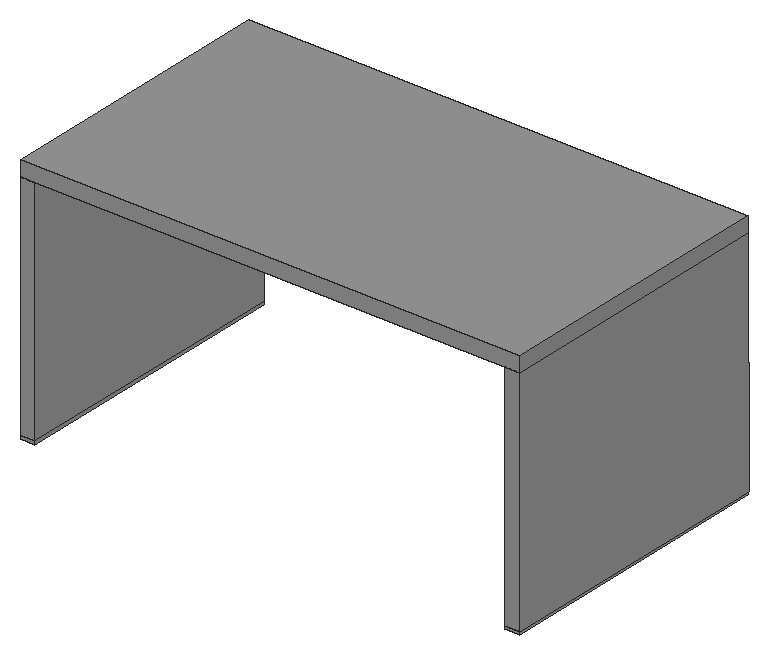
Revit family "Cocoon Community Table 48x84x42", category Generic Models, Revit 2018
Family settings
  Can host rebar = No
  Round Connector Dimension = Use Diameter
  Part Type = Normal
  Work Plane-Based = No
  Always vertical = Yes
  Cut with Voids When Loaded = No
  Shared = No
  Room Calculation Point = No
Parameters
  Frame = Cocoon Community Table 48x84x42 Frame
  Surface = Cocoon Community Table 48x84x42 Surface
Reference planes (in)
  plane 1 "Center (Front/Back)": y = 0
  plane 2: z = 0
  plane 3 "Center (Left/Right)": x = 0
Forms (in)
  Extrusion 1, solid, material "Cocoon Community Table 48x84x42 Frame" <- "Frame"
    sketch origin (0, 0, 0) x (1, 0, 0) y (0, 0, 1)
      loop
        line (-42, 0.5) -> (-42, 0) -> (-39.5, 0) -> (-39.5, 0.5) -> (-42, 0.5)
      loop
        line (42, 0.5) -> (39.5, 0.5) -> (39.5, 0) -> (42, 0) -> (42, 0.5)
    from -24 to 24
  Extrusion 2, solid, material "Cocoon Community Table 48x84x42 Surface" <- "Surface"
    sketch origin (0, 0, 13) x (1, 0, 0) y (0, 0, 1)
      loop
        line (-42, 29) -> (-42, 26.5) -> (42, 26.5) -> (42, 29) -> (-42, 29)
    from -24 to 24
  Extrusion 3, solid, material "Cocoon Community Table 48x84x42 Frame" <- "Frame"
    sketch origin (0, 0, 0) x (1, 0, 0) y (0, 0, 1)
      loop
        line (-42, 39.5) -> (-42, 0.5) -> (-39.5, 0.5) -> (-39.5, 39.5) -> (-42, 39.5)
      loop
        line (39.5, 39.5) -> (39.5, 0.5) -> (42, 0.5) -> (42, 39.5) -> (39.5, 39.5)
    from -24 to 24
  Extrusion 4, solid, material "Cocoon Community Table 48x84x42 Frame" <- "Frame"
    sketch origin (0, -90.74848, -8.58144) x (0, 1, 0) y (0, 0, 1)
      loop
        line (91.99848, 48.08144) -> (89.49848, 48.08144) -> (89.49848, 36.08144) -> (91.99848, 36.08144) -> (91.99848, 48.08144)
    from -39.5 to 39.5
Dimensions and locks (in)
  aligned and locked: plane 2 to level
